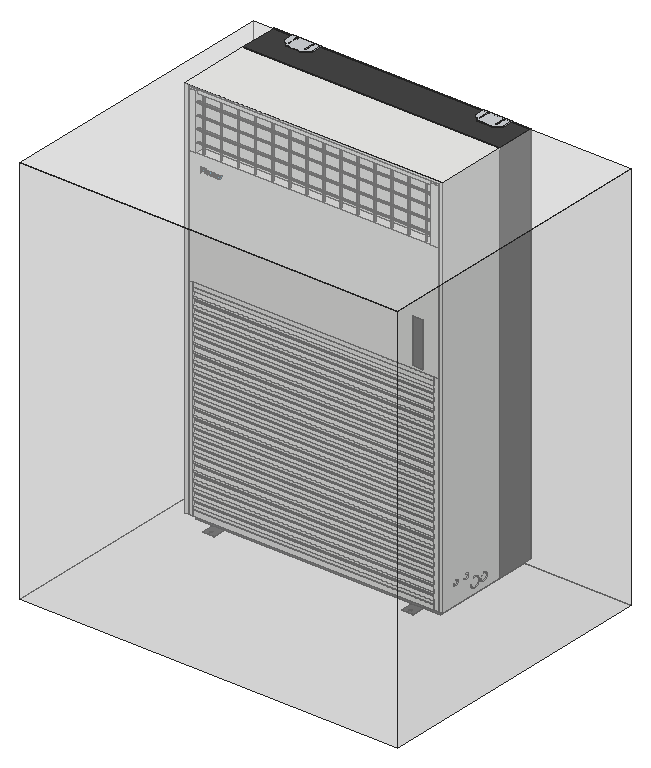
Revit family "outputfile", category 機械設備, Revit 2024 (continued)
Definition of nested family "daikin_logo_elevation_w100"
  Automatic sketch dimensions
    curve 20 to curve 23 = 5.001 mm
    curve 22 to curve 45 = 2.942 mm
    curve 20 to curve 47 = 2.942 mm
    curve 45 to curve 44 = 5.001 mm
    curve 44 to curve 44 = 0.799 mm
    curve 46 to curve 49 = 4.159 mm
    curve 49 to curve 48 = 0.842 mm
    curve 44 to curve 53 = 3.236 mm
    curve 48 to curve 52 = 2.607 mm
    curve 47 to curve 49 = 3.236 mm
    curve 43 to curve 53 = 6.178 mm
    curve 52 to curve 39 = 1.177 mm
    curve 49 to curve 51 = 5.295 mm
    curve 50 to curve 41 = 2.353 mm
    curve 39 to curve 39 = 5.295 mm
    curve 41 to curve 40 = 5.001 mm
    curve 39 to curve 25 = 2.942 mm
    curve 40 to curve 26 = 2.942 mm
    curve 25 to curve 24 = 3.53 mm
    curve 26 to curve 33 = 2.251 mm
    curve 24 to curve 33 = 3.824 mm
    curve 26 to curve 27 = 5.589 mm
    curve 29 to plane 5 "right" = 5.321 mm
    curve 29 to curve 30 = 3.53 mm
    curve 31 to plane 5 "right" = 2.942 mm
    curve 60 to plane 7 = 22.055 mm
    curve 60 to curve 3 = 0.925 mm
    curve 60 to curve 37 = 5.329 mm
    curve 60 to curve 34 = 5.329 mm
    curve 32 to curve 34 = 0.0 mm
    curve 39 to curve 32 = 0.0 mm
    curve 43 to curve 39 = 0.0 mm
    curve 26 to curve 39 = 0.0 mm
    curve 23 to curve 34 = 0.0 mm
    curve 13 to curve 11 = 0.0 mm
    curve 44 to curve 43 = 0.0 mm
    curve 11 to curve 11 = 2.059 mm
    curve 38 to curve 17 = 2.353 mm
    curve 44 to curve 43 = 3.198 mm
    curve 31 to curve 29 = 4.604 mm
    curve 12 to curve 8 = 2.648 mm
    curve 4 to curve 2 = 9.244 mm
    curve 43 to curve 51 = 2.98 mm
    curve 2 to curve 5 = 1.639 mm
    curve 17 to curve 55 = 4.265 mm
    curve 28 to curve 24 = 2.046 mm
    curve 55 to curve 54 = 0.053 mm
    curve 55 to curve 58 = 0.311 mm
    curve 58 to curve 57 = 0.037 mm
    curve 57 to curve 56 = 0.364 mm
    curve 58 to curve 59 = 1.057 mm
    curve 8 to curve 9 = 3.53 mm
    curve 51 to curve 48 = 2.22 mm
    curve 54 to curve 18 = 2.447 mm
    curve 22 to curve 21 = 11.767 mm
    curve 46 to curve 20 = 0.0 mm
    curve 24 to curve 26 = 5.116 mm
    curve 49 to curve 47 = 0.0 mm
    curve 42 to curve 50 = 0.0 mm
    curve 9 to curve 16 = 3.53 mm
    curve 29 to curve 27 = 0.0 mm
    curve 18 to curve 37 = 2.648 mm
    curve 36 to curve 6 = 4.959 mm
    curve 36 to curve 4 = 4.959 mm
    curve 19 to curve 55 = 1.182 mm
    curve 59 to curve 60 = 1.138 mm
    curve 58 to curve 14 = 0.285 mm
    Extrusion 1 sketch curve to plane 4 "left" = 11.186 mm
    Extrusion 1 sketch curve to plane 7 = 10.247 mm
    Extrusion 2 sketch curve to plane 4 "left" = 22.981 mm
    Extrusion 2 sketch curve to plane 7 = 10.247 mm
    level to Extrusion 2 sketch curve = 3.87 mm
    Extrusion 2 sketch curve to plane 4 "left" = 11.186 mm
    Extrusion 3 sketch curve to plane 7 = 4.959 mm  (x5)
    Extrusion 3 sketch curve to plane 3 "Center (Left/Right)" = 20.602 mm
    level to Extrusion 3 sketch curve = 2.945 mm
    Extrusion 3 sketch curve to Extrusion 3 sketch curve = 0.787 mm  (x2)
    Extrusion 3 sketch curve to Extrusion 3 sketch curve = 5.884 mm
    Extrusion 3 sketch curve to Extrusion 3 sketch curve = 4.894 mm
    Extrusion 3 sketch curve to Extrusion 3 sketch curve = 1.138 mm
    Extrusion 3 sketch curve to Extrusion 3 sketch curve = 3.299 mm
    Extrusion 3 sketch curve to Extrusion 3 sketch curve = 2.072 mm
    Extrusion 3 sketch curve to Extrusion 3 sketch curve = 3.036 mm
    Extrusion 3 sketch curve to Extrusion 3 sketch curve = 1.057 mm
    Extrusion 3 sketch curve to Extrusion 3 sketch curve = 2.432 mm
    Extrusion 3 sketch curve to Extrusion 3 sketch curve = 0.311 mm
    Extrusion 3 sketch curve to Extrusion 3 sketch curve = 0.037 mm
    Extrusion 3 sketch curve to Extrusion 3 sketch curve = 8.825 mm
    Extrusion 3 sketch curve to plane 7 = 7.607 mm
    Extrusion 3 sketch curve to Extrusion 3 sketch curve = 1.879 mm
    Extrusion 3 sketch curve to Extrusion 3 sketch curve = 2.942 mm  (x5)
    Extrusion 3 sketch curve to Extrusion 3 sketch curve = 0.163 mm
    Extrusion 3 sketch curve to Extrusion 3 sketch curve = 0.152 mm
    Extrusion 3 sketch curve to Extrusion 3 sketch curve = 0.364 mm
    Extrusion 3 sketch curve to Extrusion 3 sketch curve = 1.182 mm
    Extrusion 3 sketch curve to Extrusion 3 sketch curve = 2.392 mm
    Extrusion 3 sketch curve to Extrusion 3 sketch curve = 0.348 mm
    Extrusion 3 sketch curve to Extrusion 3 sketch curve = 1.548 mm
    Extrusion 3 sketch curve to Extrusion 3 sketch curve = 0.188 mm
    Extrusion 3 sketch curve to Extrusion 3 sketch curve = 0.053 mm
    Extrusion 3 sketch curve to Extrusion 3 sketch curve = 2.353 mm  (x2)
    Extrusion 3 sketch curve to Extrusion 3 sketch curve = 5.979 mm
    Extrusion 3 sketch curve to Extrusion 3 sketch curve = 0.285 mm
    Extrusion 3 sketch curve to plane 3 "Center (Left/Right)" = 1.775 mm
    Extrusion 3 sketch curve to Extrusion 3 sketch curve = 3.056 mm
    plane 3 "Center (Left/Right)" to Extrusion 3 sketch curve = 0.578 mm
    Extrusion 3 sketch curve to plane 3 "Center (Left/Right)" = 4.717 mm
    Extrusion 3 sketch curve to Extrusion 3 sketch curve = 0.441 mm
    Extrusion 3 sketch curve to Extrusion 3 sketch curve = 2.059 mm  (x2)
    Extrusion 3 sketch curve to Extrusion 3 sketch curve = 4.633 mm
    Extrusion 3 sketch curve to Extrusion 3 sketch curve = 1.103 mm
    Extrusion 3 sketch curve to Extrusion 3 sketch curve = 1.177 mm  (x2)
    Extrusion 3 sketch curve to Extrusion 3 sketch curve = 3.53 mm  (x2)
    Extrusion 3 sketch curve to Extrusion 3 sketch curve = 1.418 mm
    Extrusion 3 sketch curve to Extrusion 3 sketch curve = 2.648 mm  (x2)
    plane 3 "Center (Left/Right)" to Extrusion 3 sketch curve = 4.991 mm
    Extrusion 3 sketch curve to Extrusion 3 sketch curve = 1.471 mm
    Extrusion 3 sketch curve to Extrusion 3 sketch curve = 5.001 mm  (x4)
    Extrusion 3 sketch curve to Extrusion 3 sketch curve = 0.0 mm  (x8)
    Extrusion 3 sketch curve to plane 7 = 8.328 mm
    Extrusion 3 sketch curve to Extrusion 3 sketch curve = 0.842 mm
    Extrusion 3 sketch curve to Extrusion 3 sketch curve = 3.236 mm  (x2)
    Extrusion 3 sketch curve to Extrusion 3 sketch curve = 5.295 mm  (x2)
    Extrusion 3 sketch curve to Extrusion 3 sketch curve = 2.607 mm
    Extrusion 3 sketch curve to Extrusion 3 sketch curve = 2.22 mm
    Extrusion 3 sketch curve to Extrusion 3 sketch curve = 4.707 mm
    Extrusion 3 sketch curve to Extrusion 3 sketch curve = 6.178 mm
    Extrusion 3 sketch curve to Extrusion 3 sketch curve = 2.436 mm
    Extrusion 3 sketch curve to Extrusion 3 sketch curve = 3.198 mm
    Extrusion 3 sketch curve to Extrusion 3 sketch curve = 5.589 mm
    Extrusion 3 sketch curve to plane 5 "right" = 5.321 mm
    Extrusion 3 sketch curve to Extrusion 3 sketch curve = 7.163 mm
    Extrusion 3 sketch curve to plane 5 "right" = 3.53 mm
    Extrusion 3 sketch curve to plane 5 "right" = 0.0 mm
    Extrusion 3 sketch curve to plane 5 "right" = 2.942 mm
    Extrusion 3 sketch curve to Extrusion 3 sketch curve = 4.604 mm
    Extrusion 3 sketch curve to Extrusion 3 sketch curve = 3.504 mm
    Extrusion 3 sketch curve to Extrusion 3 sketch curve = 2.251 mm
    Extrusion 3 sketch curve to Extrusion 3 sketch curve = 5.116 mm
Definition of nested family "daikin_unit monting plae"
  Parameters (values of type "daikin_unit monting plae")
    u = if(A = 1279.0 mm, 145.0 mm, if(A = 1129.0 mm, 145.0 mm, 108.0 mm))  # 108.0 mm
    show_fixedhole = yes
    material = none
    h_mountinghole = 1.5 mm  # constant formula
    h_antenna_mountinghole = Height + 1.0 mm - h_mountinghole  # 1946.5 mm
    W = 500.0 mm
    U = if(A = 1279.0 mm, 990.0 mm, if(A = 1129.0 mm, 840.0 mm, 743.0 mm))  # 743.0 mm
    Default Elevation = 0.0 mm
    Link_Nested Family = ""
    Height = 1947.0 mm
    A = 959.0 mm
  Reference planes
    plane 1 "Center (Front/Back)": y = 0
    plane 2: z = 0
    plane 3 "Center (Left/Right)": x = 0
    plane 4: x = -479.5
    plane 5: x = 479.5
    plane 6: y = 250
    plane 7: y = -250
    plane 8: x = -371.5
    plane 9: x = 371.5
    plane 10: y = -285.2
    plane 11: y = 309.8
    plane 12: y = 294.8
    plane 13: y = -270.2
  Forms (mm)
    Extrusion 1, solid
      sketch origin (-371.5, 305.04, 1200) x (0, 1, 0) y (0, 0, 1)
        loop
          line (-590.24, -1198.5) -> (-590.24, -1200) -> (-525.24, -1200) -> (-525.24, -1174) -> (-526.74, -1174) -> (-526.74, -1198.5) -> (-590.24, -1198.5)
        loop
          line (4.76, -1198.5) -> (-58.74, -1198.5) -> (-58.74, -1174) -> (-60.24, -1174) -> (-60.24, -1200) -> (4.76, -1200) -> (4.76, -1198.5)
      from -30 to 30
    Extrusion 2, solid
      sketch origin (371.5, 305.04, 1200) x (0, 1, 0) y (0, 0, 1)
        loop
          line (-525.24, -1200) -> (-525.24, -1174) -> (-526.74, -1174) -> (-526.74, -1198.5) -> (-590.24, -1198.5) -> (-590.24, -1200) -> (-525.24, -1200)
        loop
          line (4.76, -1198.5) -> (-58.74, -1198.5) -> (-58.74, -1174) -> (-60.24, -1174) -> (-60.24, -1200) -> (4.76, -1200) -> (4.76, -1198.5)
      from -30 to 30
    Extrusion 3, void
      sketch origin (0, 0, 0) x (1, 0, 0) y (0, 1, 0)
        loop
          circle (-371.5, 294.8) r 5.5
        loop
          circle (-371.5, -270.2) r 5.5
      from 0 to 2
    Extrusion 4, void
      sketch origin (0, 0, 0) x (1, 0, 0) y (0, 1, 0)
        loop
          circle (371.5, 294.8) r 5.5
        loop
          circle (371.5, -270.2) r 5.5
      from 0 to 2
  Cuts and joins
    Extrusion 3 cuts Extrusion 1
    Extrusion 4 cuts Extrusion 2
  Dimensions and locks
    equal spacing: plane 4, plane 3 "Center (Left/Right)", plane 5
    "A": plane 4 to plane 5
    equal spacing: plane 6, plane 1 "Center (Front/Back)", plane 7
    "W": plane 6 to plane 7
    "u": plane 4 to plane 8
    "U": plane 8 to plane 9
    locked: plane 7 to plane 10 at 35.2
    locked: plane 11 to plane 6 at 59.8
    locked: Extrusion 1 sketch curve to Extrusion 1 sketch curve at 65  (x2)
    locked: Extrusion 1 sketch curve to Extrusion 1 sketch curve at 26  (x2)
    locked: Extrusion 1 sketch curve to Extrusion 1 sketch curve at 1.5  (x4)
    locked: Extrusion 3 sketch curve to plane 10 at 15
    locked: plane 11 to Extrusion 3 sketch curve at 15
    locked: Extrusion 4 sketch curve to plane 10 at 15
    locked: plane 11 to Extrusion 4 sketch curve at 15
    locked: plane 13 to plane 10 at 15
    locked: plane 11 to plane 12 at 15
    aligned and locked: level to plane 2
    aligned and locked: plane 10 to Extrusion 1 sketch curve
    aligned and locked: plane 2 to Extrusion 1 sketch curve
    aligned and locked: Extrusion 2 sketch curve to Extrusion 1  (x12)
    aligned and locked: plane 8 to Extrusion 3 sketch curve  (x2)
    aligned and locked: plane 9 to Extrusion 4 sketch curve  (x2)
    aligned and locked: plane 8 to nested 1
    aligned and locked: nested 1 to plane 12
    aligned and locked: plane 9 to nested 4
    aligned and locked: nested 4 to plane 12
    aligned and locked: nested 3 to plane 13
    aligned and locked: plane 9 to nested 3
    aligned and locked: plane 8 to nested 2
    aligned and locked: nested 2 to plane 13
  Automatic sketch dimensions
    Extrusion 1 sketch curve to level = 0.0 mm
    Extrusion 1 sketch curve to plane 11 = 0.0 mm
    radius of Extrusion 3 sketch curve = 5.5 mm  (x2)
    radius of Extrusion 4 sketch curve = 5.5 mm  (x2)
  Nested families
    nested 1: "daikin_mountinghole" at (-371.5, 294.8, 0), l_antenna <- "h_antenna_mountinghole", h_mountinghole <- "h_mountinghole", visible <- "show_fixedhole", type "daikin_mountinghole"
      with show yes, l_antenna 1946.5 mm, h_mountinghole 1.5 mm, Link_Nested Family ""
    nested 2: "daikin_mountinghole" at (-371.5, -270.2, 0), l_antenna <- "h_antenna_mountinghole", h_mountinghole <- "h_mountinghole", visible <- "show_fixedhole", type "daikin_mountinghole"
      with show yes, l_antenna 1946.5 mm, h_mountinghole 1.5 mm, Link_Nested Family ""
    nested 3: "daikin_mountinghole" at (371.5, -270.2, 0), l_antenna <- "h_antenna_mountinghole", h_mountinghole <- "h_mountinghole", visible <- "show_fixedhole", type "daikin_mountinghole"
      with show yes, l_antenna 1946.5 mm, h_mountinghole 1.5 mm, Link_Nested Family ""
    nested 4: "daikin_mountinghole" at (371.5, 294.8, 0), l_antenna <- "h_antenna_mountinghole", h_mountinghole <- "h_mountinghole", visible <- "show_fixedhole", type "daikin_mountinghole"
      with show yes, l_antenna 1946.5 mm, h_mountinghole 1.5 mm, Link_Nested Family ""
  Definition of nested family "daikin_mountinghole"
    Parameters (values of type "daikin_mountinghole")
      Default Elevation = 1219.2 mm
      Type Comments = "mountinghole"
      show [instance] = yes
      material = none
      l_centerline = 100.0 mm
      l_antenna [instance] = 100.0 mm
      h_mountinghole [instance] = 0.0 mm
      d_circle = 30.0 mm
      Link_Nested Family [instance] = ""
    Reference planes
      plane 1 "Center (Front/Back)": y = 0
      plane 2: z = 0
      plane 3 "Center (Left/Right)": x = 0
      plane 4: y = 50
      plane 5: x = -50
      plane 6: x = 50
      plane 7: y = -50
      plane 8 "h_mountinghole": z = 0
      plane 9: z = 100
    Lines and regions (mm)
      model lines, detail levels fine
        curve 1: circle (0, 0, 0) r 15 normal (0, 0, 1)
        curve 2: line (-50, 0, 0) -> (50, 0, 0)
        curve 3: line (0, 50, 0) -> (0, -50, 0)
      symbolic lines, detail levels fine
        curve 4: circle (0, 0, 0) r 15 normal (0, 0, 1)
        curve 5: line (-50, 0, 0) -> (50, 0, 0)
        curve 6: line (0, 50, 0) -> (0, -50, 0)
      model lines
        curve 7: line (0, 0, 100) -> (0, 0, 0)
    Dimensions and locks
      equal spacing: plane 4, plane 1 "Center (Front/Back)", plane 7
      "l_centerline": plane 4 to plane 7
      equal spacing: plane 5, plane 3 "Center (Left/Right)", plane 6
      "l_centerline": plane 5 to plane 6
      "l_antenna": plane 9 to plane 8 "h_mountinghole"
      "h_mountinghole": plane 8 "h_mountinghole" to plane 2
      "d_circle": diameter of curve 1
      "d_circle": diameter of curve 4
      aligned and locked: level to plane 2
      aligned and locked: plane 1 "Center (Front/Back)" to curve 1
      aligned and locked: plane 3 "Center (Left/Right)" to curve 1
      aligned and locked: plane 1 "Center (Front/Back)" to curve 2
      aligned and locked: curve 3 to plane 3 "Center (Left/Right)"
      aligned and locked: plane 6 to curve 2
      aligned and locked: plane 5 to curve 2
      aligned and locked: plane 4 to curve 3
      aligned and locked: plane 7 to curve 3
      aligned and locked: plane 1 "Center (Front/Back)" to curve 4
      aligned and locked: plane 3 "Center (Left/Right)" to curve 4
      aligned and locked: plane 6 to curve 5
      aligned and locked: plane 5 to curve 5
      aligned and locked: plane 1 "Center (Front/Back)" to curve 5
      aligned and locked: plane 4 to curve 6
      aligned and locked: plane 7 to curve 6
      aligned and locked: curve 6 to plane 3 "Center (Left/Right)"
      aligned and locked: curve 7 to plane 3 "Center (Left/Right)"
      aligned and locked: plane 9 to curve 7
      aligned and locked: plane 8 "h_mountinghole" to curve 7
Definition of nested family "daikin_wall monting plae"
  Parameters (values of type "daikin_wall monting plae")
    material = none
    U = if(A = 1279.0 mm, 950.0 mm, if(A = 1129.0 mm, 785.0 mm, 615.0 mm))  # 615.0 mm
    Default Elevation = 0.0 mm
    Link_Nested Family = ""
    A = 959.0 mm
  Reference planes
    plane 1 "Center (Front/Back)": y = 0
    plane 2: z = 0
    plane 3 "Center (Left/Right)": x = 0
    plane 4: x = -479.5
    plane 5: x = 479.5
    plane 6: x = -307.5
    plane 7: x = 307.5
    plane 8: z = -20
    plane 9: z = -20
  Forms (mm)
    Extrusion 1, solid
      sketch origin (-307.5, 305.04, 1200) x (0, 1, 0) y (0, 0, 1)
        loop
          line (-386.04, -1197) -> (-386.04, -1200) -> (-305.04, -1200) -> (-305.04, -1241) -> (-302.04, -1241) -> (-302.04, -1197) -> (-386.04, -1197)
      from -70 to 70
    Extrusion 2, solid
      sketch origin (307.5, 305.04, 1200) x (0, 1, 0) y (0, 0, 1)
        loop
          line (-302.04, -1241) -> (-302.04, -1197) -> (-386.04, -1197) -> (-386.04, -1200) -> (-305.04, -1200) -> (-305.04, -1241) -> (-302.04, -1241)
      from -70 to 70
    Extrusion 3, void
      sketch origin (0, 0, 0) x (1, 0, 0) y (0, 1, 0)
        loop
          line (-377.5, -51) -> (-377.5, -81) -> (-347.5, -81) -> (-377.5, -51)
        loop
          line (-237.5, -81) -> (-237.5, -51) -> (-267.5, -81) -> (-237.5, -81)
        loop
          line (-344, -56) -> (-344, -13)
          arc (-344, -13) -> (-347.5, -9.5) -> (-351, -13) r 3.5
          line (-351, -13) -> (-351, -56)
          arc (-351, -56) -> (-347.5, -59.5) -> (-344, -56) r 3.5
        loop
          arc (-271, -56) -> (-267.5, -59.5) -> (-264, -56) r 3.5
          line (-264, -56) -> (-264, -13)
          arc (-264, -13) -> (-267.5, -9.5) -> (-271, -13) r 3.5
          line (-271, -13) -> (-271, -56)
      from 0 to 5
    Extrusion 4, void
      sketch origin (0, 0, 0) x (-1, 0, 0) y (0, -1, 0)
        loop
          line (-377.5, 51) -> (-347.5, 81) -> (-377.5, 81) -> (-377.5, 51)
        loop
          line (-237.5, 81) -> (-267.5, 81) -> (-237.5, 51) -> (-237.5, 81)
        loop
          arc (-264, 56) -> (-267.5, 59.5) -> (-271, 56) r 3.5
          line (-271, 56) -> (-271, 13)
          arc (-271, 13) -> (-267.5, 9.5) -> (-264, 13) r 3.5
          line (-264, 13) -> (-264, 56)
        loop
          line (-351, 56) -> (-351, 13)
          arc (-351, 13) -> (-347.5, 9.5) -> (-344, 13) r 3.5
          line (-344, 13) -> (-344, 56)
          arc (-344, 56) -> (-347.5, 59.5) -> (-351, 56) r 3.5
      from 0 to 5
    Extrusion 5, void
      sketch origin (0, 0, 0) x (1, 0, 0) y (0, 0, 1)
        loop
          arc (-311, -25) -> (-307.5, -28.5) -> (-304, -25) r 3.5
          line (-304, -25) -> (-304, -15)
          arc (-304, -15) -> (-307.5, -11.5) -> (-311, -15) r 3.5
          line (-311, -15) -> (-311, -25)
        loop
          arc (-289.5, -16.5) -> (-293, -20) -> (-289.5, -23.5) r 3.5
          line (-289.5, -23.5) -> (-250.5, -23.5)
          arc (-250.5, -23.5) -> (-247, -20) -> (-250.5, -16.5) r 3.5
          line (-250.5, -16.5) -> (-289.5, -16.5)
        loop
          arc (-364.5, -16.5) -> (-368, -20) -> (-364.5, -23.5) r 3.5
          line (-364.5, -23.5) -> (-325.5, -23.5)
          arc (-325.5, -23.5) -> (-322, -20) -> (-325.5, -16.5) r 3.5
          line (-325.5, -16.5) -> (-364.5, -16.5)
      from 0 to -5
    Extrusion 6, void
      sketch origin (615, 0, 0) x (1, 0, 0) y (0, 0, 1)
        loop
          arc (-311, -25) -> (-307.5, -28.5) -> (-304, -25) r 3.5
          line (-304, -25) -> (-304, -15)
          arc (-304, -15) -> (-307.5, -11.5) -> (-311, -15) r 3.5
          line (-311, -15) -> (-311, -25)
        loop
          arc (-289.5, -16.5) -> (-293, -20) -> (-289.5, -23.5) r 3.5
          line (-289.5, -23.5) -> (-250.5, -23.5)
          arc (-250.5, -23.5) -> (-247, -20) -> (-250.5, -16.5) r 3.5
          line (-250.5, -16.5) -> (-289.5, -16.5)
        loop
          arc (-364.5, -16.5) -> (-368, -20) -> (-364.5, -23.5) r 3.5
          line (-364.5, -23.5) -> (-325.5, -23.5)
          arc (-325.5, -23.5) -> (-322, -20) -> (-325.5, -16.5) r 3.5
          line (-325.5, -16.5) -> (-364.5, -16.5)
      from 0 to -5
  Cuts and joins
    Extrusion 3, Extrusion 4, Extrusion 5, Extrusion 6 cuts Extrusion 1
    Extrusion 4, Extrusion 6 cuts Extrusion 2
  Dimensions and locks
    equal spacing: plane 4, plane 3 "Center (Left/Right)", plane 5
    "A": plane 4 to plane 5
    "U": plane 6 to plane 7
    equal spacing: plane 6, plane 3 "Center (Left/Right)", plane 7
    locked: Extrusion 1 sketch curve to Extrusion 1 sketch curve at 84
    locked: Extrusion 1 sketch curve to Extrusion 1 sketch curve at 44
    locked: Extrusion 1 sketch curve to Extrusion 1 sketch curve at 3  (x2)
    Extrusion 3 sketch curve to Extrusion 3 sketch curve = 30.0 mm
    locked: Extrusion 3 sketch curve to Extrusion 3 sketch curve at 30  (x3)
    locked: Extrusion 3 sketch curve to Extrusion 3 sketch curve at 7  (x2)
    Extrusion 3 sketch curve to plane 6 to Extrusion 3 sketch curve = 36.5 mm locked, 36.5 mm locked
    Extrusion 3 sketch curve to Extrusion 3 sketch curve to plane 1 "Center (Front/Back)" = 43.0 mm locked, 13.0 mm locked  (x2)
    locked: Extrusion 4 sketch curve to Extrusion 4 sketch curve at 30  (x4)
    locked: Extrusion 4 sketch curve to Extrusion 4 sketch curve at 7  (x2)
    locked: Extrusion 4 sketch curve to Extrusion 4 sketch curve at 43  (x2)
    Extrusion 4 sketch curve to plane 7 to Extrusion 4 sketch curve = 36.5 mm locked, 36.5 mm locked
    locked: Extrusion 4 sketch curve to plane 1 "Center (Front/Back)" at 13  (x2)
    locked: Extrusion 5 sketch curve to Extrusion 5 sketch curve at 7  (x2)
    equal spacing: Extrusion 5 sketch curve, plane 6, Extrusion 5 sketch curve
    plane 2 to Extrusion 5 sketch curve to Extrusion 5 sketch curve = 15.0 mm locked, 10.0 mm locked
    locked: plane 2 to plane 8 at 20
    equal spacing: Extrusion 5 sketch curve, plane 8, Extrusion 5 sketch curve
    locked: Extrusion 5 sketch curve to plane 6 at 18
    locked: plane 6 to Extrusion 5 sketch curve at 18
    locked: plane 6 to Extrusion 5 sketch curve at 57
    locked: Extrusion 5 sketch curve to plane 6 at 57
    locked: Extrusion 6 sketch curve to Extrusion 6 sketch curve at 10
    locked: Extrusion 6 sketch curve to Extrusion 6 sketch curve at 7  (x2)
    equal spacing: Extrusion 6 sketch curve, plane 9, Extrusion 6 sketch curve
    locked: plane 2 to Extrusion 6 sketch curve at 15
    equal spacing: Extrusion 6 sketch curve, plane 7, Extrusion 6 sketch curve
    Extrusion 6 sketch curve to plane 7 to Extrusion 6 sketch curve = 18.0 mm locked, 18.0 mm locked
    locked: Extrusion 6 sketch curve to Extrusion 6 sketch curve at 39  (x2)
    locked: Extrusion 3 sketch curve to Extrusion 3 sketch curve (angle 45.00°)  (x2)
    locked: Extrusion 4 sketch curve to Extrusion 4 sketch curve (angle 45.00°)  (x2)
    aligned and locked: level to plane 2
    aligned and locked: plane 2 to Extrusion 1 sketch curve
    aligned and locked: Extrusion 1 sketch curve to plane 1 "Center (Front/Back)"
    aligned and locked: Extrusion 2 sketch curve to Extrusion 1  (x6)
    aligned and locked: Extrusion 1 to Extrusion 3 sketch curve
    aligned and locked: Extrusion 3 sketch curve to Extrusion 1  (x2)
    aligned and locked: Extrusion 4 sketch curve to Extrusion 2  (x4)
    aligned and locked: plane 6 to Extrusion 5 sketch curve  (x2)
    aligned and locked: Extrusion 5 sketch curve to Extrusion 5 sketch curve  (x2)
    aligned and locked: Extrusion 6 sketch curve to Extrusion 6 sketch curve  (x2)
  Automatic sketch dimensions
    Extrusion 3 sketch curve to Extrusion 3 sketch curve = 25.0 mm
Definition of nested family "daikin_mountinghole"
  Parameters (values of type "daikin_mountinghole")
    Default Elevation = 1219.2 mm
    Type Comments = "mountinghole"
    show [instance] = yes
    material = none
    l_centerline = 100.0 mm
    l_antenna [instance] = 100.0 mm
    h_mountinghole [instance] = 0.0 mm
    d_circle = 30.0 mm
    Link_Nested Family [instance] = ""
  Reference planes
    plane 1 "Center (Front/Back)": y = 0
    plane 2: z = 0
    plane 3 "Center (Left/Right)": x = 0
    plane 4: y = 50
    plane 5: x = -50
    plane 6: x = 50
    plane 7: y = -50
    plane 8 "h_mountinghole": z = 0
    plane 9: z = 100
  Lines and regions (mm)
    model lines, detail levels fine
      curve 1: circle (0, 0, 0) r 15 normal (0, 0, 1)
      curve 2: line (-50, 0, 0) -> (50, 0, 0)
      curve 3: line (0, 50, 0) -> (0, -50, 0)
    symbolic lines, detail levels fine
      curve 4: circle (0, 0, 0) r 15 normal (0, 0, 1)
      curve 5: line (-50, 0, 0) -> (50, 0, 0)
      curve 6: line (0, 50, 0) -> (0, -50, 0)
    model lines
      curve 7: line (0, 0, 100) -> (0, 0, 0)
  Dimensions and locks
    equal spacing: plane 4, plane 1 "Center (Front/Back)", plane 7
    "l_centerline": plane 4 to plane 7
    equal spacing: plane 5, plane 3 "Center (Left/Right)", plane 6
    "l_centerline": plane 5 to plane 6
    "l_antenna": plane 9 to plane 8 "h_mountinghole"
    "h_mountinghole": plane 8 "h_mountinghole" to plane 2
    "d_circle": diameter of curve 1
    "d_circle": diameter of curve 4
    aligned and locked: level to plane 2
    aligned and locked: plane 1 "Center (Front/Back)" to curve 1
    aligned and locked: plane 3 "Center (Left/Right)" to curve 1
    aligned and locked: plane 1 "Center (Front/Back)" to curve 2
    aligned and locked: curve 3 to plane 3 "Center (Left/Right)"
    aligned and locked: plane 6 to curve 2
    aligned and locked: plane 5 to curve 2
    aligned and locked: plane 4 to curve 3
    aligned and locked: plane 7 to curve 3
    aligned and locked: plane 1 "Center (Front/Back)" to curve 4
    aligned and locked: plane 3 "Center (Left/Right)" to curve 4
    aligned and locked: plane 6 to curve 5
    aligned and locked: plane 5 to curve 5
    aligned and locked: plane 1 "Center (Front/Back)" to curve 5
    aligned and locked: plane 4 to curve 6
    aligned and locked: plane 7 to curve 6
    aligned and locked: curve 6 to plane 3 "Center (Left/Right)"
    aligned and locked: curve 7 to plane 3 "Center (Left/Right)"
    aligned and locked: plane 9 to curve 7
    aligned and locked: plane 8 "h_mountinghole" to curve 7
Definition of nested family "daikin_connector_rotate3"
  Parameters (values of type "*")
    Default Elevation = 1219.2 mm
    show_line = yes
    show_circle = yes
    show_face = yes
    radius [instance] = 10.0 mm
    length [instance] = 600.0 mm
    angle_horizontal [instance] = 60.00°
    angle_vertical [instance] = 90.00°
  Reference planes
    plane 1 "Center (Front/Back)": y = 0
    plane 2: z = 0
    plane 3 "Center (Left/Right)": x = 0
  Dimensions and locks
    "angle_horizontal": angle plane 3 "Center (Left/Right)" to nested 1
    aligned and locked: level to plane 2
    aligned and locked: plane 1 "Center (Front/Back)" to nested 1  (x2)
    aligned and locked: plane 3 "Center (Left/Right)" to nested 1
  Nested families
    nested 1: "daikin_connector_rotate2" at (0, 0, 0) x (0.5, 0.866, 0) z (0, 0, 1), angle_vertical <- "angle_vertical", length <- "length", radius <- "radius", type "daikin_connector_rotate2"
      with radius 10.0 mm, length 600.0 mm, angle_vertical 90.00°, Default Elevation 0.0 mm
  Definition of nested family "daikin_connector_rotate2"
    Parameters (values of type "daikin_connector_rotate2")
      Default Elevation = 1219.2 mm
      show_line = yes
      show_face = yes
      show_circle = yes
      radius [instance] = 10.0 mm
      length [instance] = 600.0 mm
      d_surface = 10.0 mm
      angle_vertical [instance] = 90.00°
    Reference planes
      plane 1 "Center (Front/Back)": y = 0
      plane 2: z = 0
      plane 3 "Center (Left/Right)": x = 0
    Forms (mm)
      Extrusion 1, solid, visible <- "show_face"
        sketch origin (0, -600, 0) x (1, 0, 0) y (0, 0, 1)
          loop
            circle (0, 0) r 10
        from 0 to -10
    Lines and regions (mm)
      reference lines
        curve 1: line (0, 0, 0) -> (0, -600, 0)
      symbolic lines, visible <- "show_circle"
        curve 2: circle (0, 0, 0) r 5 normal (0, 0, 1)
      model lines, visible <- "show_line"
        curve 3: line (0, 0, 0) -> (0, -600, 0)
    Dimensions and locks
      "length": curve 1 to curve 1
      "length": curve 3 to curve 3
      "d_surface": Extrusion 1 to Extrusion 1
      "radius": radius of Extrusion 1 sketch curve
      "angle_vertical": angle curve 1 to plane 1 "Center (Front/Back)"
      "angle_vertical": angle curve 3 to plane 1 "Center (Front/Back)"
      aligned and locked: level to plane 2
      aligned and locked: plane 1 "Center (Front/Back)" to curve 1
      aligned and locked: plane 2 to curve 1
      aligned and locked: plane 1 "Center (Front/Back)" to curve 2
      aligned and locked: plane 3 "Center (Left/Right)" to curve 2
      aligned and locked: plane 1 "Center (Front/Back)" to curve 3
      aligned and locked: plane 2 to curve 3
      aligned and locked: Extrusion 1 to Extrusion 1
    Automatic sketch dimensions
      Extrusion 1 sketch curve to level = 0.0 mm
      Extrusion 1 sketch curve to plane 3 "Center (Left/Right)" = 0.0 mm
      radius of curve 2 = 5.0 mm
